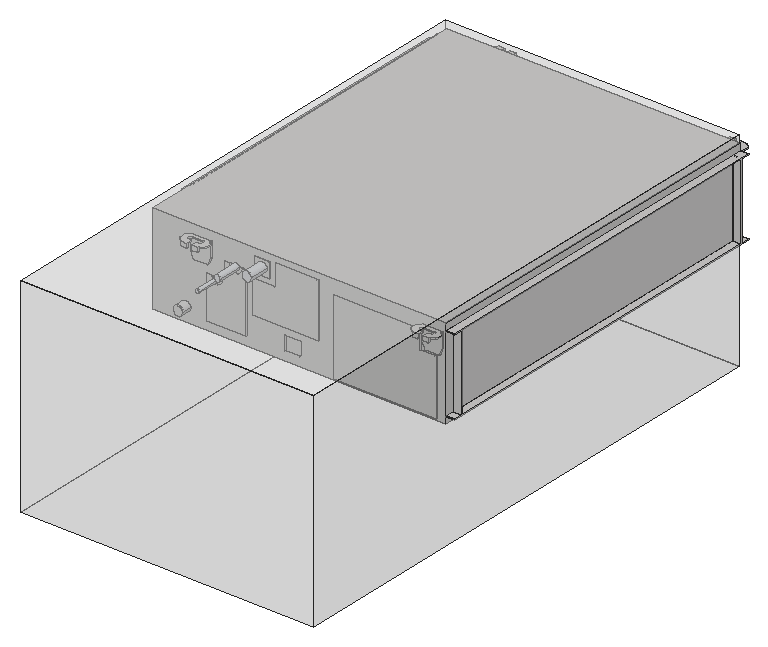
Revit family "outputfile", category 機械設備, Revit 2024
Family settings
  丸型コネクタ寸法 = 半径を使用
  パーツ タイプ = 標準
  OmniClass 番号 = 23.75.10.24.21.27.27
  OmniClass タイトル = Split System Air Conditioning Units
  作業面ベース = いいえ
  常に垂直 = はい
  ロード時にボイドで切り取り = いいえ
  注釈の向きを維持 = いいえ
  共有 = いいえ
  部屋計算ポイント = はい
Parameters (values of type "FXSQ63PAVE9")
  Description = ""
  製造元 = "Daikin"
  書き出し IFC クラス(タイプ) = "IfcUnitaryEquipmentType"
  定義済み IFC タイプ(タイプ) = "AIRCONDITIONINGUNIT"
  Cost = 0
  モデル = "FXSQ63PAVE9"
  Type Comments = ""
  Keynote = ""
  Type Image = (empty or 0)
  Assembly Code = ""
  r_Liquid Pipe Size = Liquid Pipe Size / 2  # 4.75 mm
  r_Gas Pipe Size = Gas Pipe Size / 2  # 7.95 mm
  r_Drain Pipe Size = Drain Pipe Size / 2  # 12.5 mm
  lw_power = 770.0 mm  # constant formula
  lh_SA = 138.0 mm  # constant formula
  lw_SA = if(Depth = 550.0 mm, 225.0 mm, if(Depth = 700.0 mm, 300.0 mm, if(Depth = 1000.0 mm, 450.0 mm, if(Depth = 1400.0 mm, 650.0 mm, 725.0 mm))))  # 450.0 mm
  lw_RA = if(Depth = 550.0 mm, 275.0 mm, if(Depth = 700.0 mm, 349.0 mm, if(Depth = 1000.0 mm, 499.0 mm, if(Depth = 1400.0 mm, 699.0 mm, 775.0 mm))))  # 499.0 mm
  lh_power = 60.0 mm + [h***]  # 60.0 mm
  lh_mountinghole1 = lh_mountinghole + [h***]  # 222.0 mm
  lh_RA = 123.0 mm  # constant formula
  ld_power = Depth / 2  # 500.0 mm
  Voltage_comment_60Hz = "220"
  Voltage_comment_50Hz = "220-240"
  Voltage_60Hz = 220 V
  Voltage_50Hz = 220 V
  URL = ""
  Supply Air Direction [instance] = yes
  Sound Power Level_H speed (dB) = 64
  Phase_60Hz = 1
  Phase_50Hz = 1
  Minimum External Static Pressure = 50.00 Pa
  Minimum Circuit Amps_60Hz = 1.8 A
  Minimum Circuit Amps_50Hz = 1.8 A
  Maximum Fuse Amps_60Hz = 16.0 A
  Maximum Fuse Amps_50Hz = 16.0 A
  Maximum External Static Pressure = 150.00 Pa
  Material_Casing = DAIKIN_GalvanizedSteel_Casing_indoorunit
  lw_mountinghole = 630.0 mm  # constant formula
  lh_gaspipe = 183.0 mm + [h***]  # 183.0 mm
  lh_mountinghole = 222.0 mm  # constant formula
  lh_liquidpipe = 136.0 mm + [h***]  # 136.0 mm
  lh_drainpipe = 207.0 mm + [h***]  # 207.0 mm
  lh_antena = Height - lh_mountinghole + 1.0 mm  # 24.0 mm
  ld_drainpipe = Depth / 2 + 53.0 mm  # 553.0 mm
  ld_liquidpipe = Depth / 2 + 69.0 mm  # 569.0 mm
  ld_gaspipe = Depth / 2 + 65.0 mm  # 565.0 mm
  ld_mountinghole = Depth + 38.0 mm  # 1038.0 mm
  h*** = 0.0 mm  # constant formula
  lw_liquidpipe = 179.0 mm  # constant formula
  lw_gaspipe = 229.0 mm  # constant formula
  lw_drainpipe = 300.0 mm  # constant formula
  Width = 800.0 mm
  Version = "ver.1.0"
  Unit Type = "Middle Static Pressure Duct Type"
  Unit Mass Weight = 35.00 kg
  Unit Designation [instance] = ""
  Uniclass2015Version = "Products v1.30"
  Uniclass2015Title = "Variable refrigerant flow units"
  Uniclass2015Code = "Pr_70_65_03_94"
  Total Heating Capacity [instance] = 0.000 kW
  Total Cooling Capacity [instance] = 0.000 kW
  Sound Pressure Level_M speed (dBA) = 0
  Sound Pressure Level_L speed (dBA) = 29
  Sound Pressure Level_H speed (dBA) = 36
  Series = "VRV Fan Coil Unit"
  Sensible Cooling Capacity [instance] = 0.000 kW
  SA Duct Size Width = if(Depth = 550.0 mm, 337.0 mm, if(Depth = 700.0 mm, 492.0 mm, if(Depth = 1000.0 mm, 792.0 mm, if(Depth = 1400.0 mm, 1192.0 mm, 1337.0 mm))))  # 792.0 mm
  SA Duct Size Height = 176.0 mm
  Refrigerant Type = "R410A"
  RA Duct Size Width = if(Depth = 550.0 mm, 502.0 mm, if(Depth = 700.0 mm, 654.0 mm, if(Depth = 1000.0 mm, 952.0 mm, if(Depth = 1400.0 mm, 1352.0 mm, 1502.0 mm))))  # 952.0 mm
  RA Duct Size Height = 208.0 mm
  Power Input (Heating) = 0.217 kW
  Power Input (Cooling) = 0.222 kW
  Option Accessory 3 [instance] = ""
  Option Accessory 2 [instance] = ""
  Option Accessory 1 [instance] = ""
  Nominal Heating Capacity = 8.000 kW
  Nominal Cooling Capacity = 7.100 kW
  Minimum Airflow = 870.00 m³/h
  Median Airflow = 1050.00 m³/h
  Maximum Airflow = 1260.00 m³/h
  Load Classification = HVAC
  Liquid Pipe Size = 9.5 mm
  Link_Nested Family [instance] = ""
  IfcVersion = "0"
  IfcExportType = "AIRCONDITIONINGUNIT"
  IfcExportAs = "IfcUnitaryEquipmentType"
  Height = 245.0 mm
  Heating Entering Wet Bulb Temperature [instance] = 0.00 °C
  Heating Entering Dry Bulb Temperature [instance] = 0.00 °C
  Heating Ambient Wet Bulb Temperature [instance] = 0.00 °C
  Heating Ambient Dry Bulb Temperature [instance] = 0.00 °C
  Heat Exchanger Type = "Cross Fin Coil"
  Gas Pipe Size = 15.9 mm
  Frequency_60Hz = 60 Hz
  Frequency_50Hz = 50 Hz
  Fan Type = "Sirocco Fan"
  Fan Drive = "Direct Drive"
  FCU Tag No. [instance] = ""
  Drain Pipe Size = 25.0 mm
  Design Supply Airflow [instance] = 0.00 m³/h
  Design Return Airflow [instance] = 0.00 m³/h
  Design External Static Pressure [instance] = 0.00 Pa
  Depth = 1000.0 mm
  既定の高さ = 0.0 mm
  Cooling Entering Wet Bulb Temperature [instance] = 0.00 °C
  Cooling Entering Dry Bulb Temperature [instance] = 0.00 °C
  Cooling Ambient Wet Bulb Temperature [instance] = 0.00 °C
  Cooling Ambient Dry Bulb Temperature [instance] = 0.00 °C
  Clearance visibility [instance] = yes
  Clearance Top = 20.0 mm
  Clearance Right = 0.0 mm
  Clearance Rear = 0.0 mm
  Clearance Left = 0.0 mm
  Clearance Front = 450.0 mm
  Clearance Bottom = 300.0 mm
Reference planes
  plane 1 "Center (Front/Back)": y = 0
  plane 2 "h": z = 0
  plane 3 "Center (Left/Right)": x = 0
  plane 4 "Back": y = 500
  plane 5 "Front": y = -500
  plane 6 "Left": x = -400
  plane 7 "Reight": x = 400
  plane 8 "Top": z = 0
  plane 9 "Bottom": z = -245
  plane 10: y = -215
  plane 11: y = 500
  plane 12: y = -950
  plane 13: x = -400
  plane 14: x = 400
  plane 15: z = 20
  plane 16: z = -545
  plane 17: x = -400
  plane 18: x = -399
  plane 19: x = 399
  plane 20: y = 50
  plane 21: y = -1
  plane 22: z = -122
  plane 23: y = -501
  plane 24: z = -109
  plane 25: x = -221
  plane 26: y = -565
  plane 27: z = -62
  plane 28: x = -171
  plane 29: y = -553
  plane 30: z = -38
  plane 31: x = -100
  plane 32: x = -100
  plane 33: x = -221
  plane 34: x = -171
  plane 35: x = 370
  plane 36: x = -266
  plane 37: x = 364
  plane 38: y = -519
  plane 39: y = 519
  plane 40: z = -23
  plane 41: z = -107
  plane 42: y = -570
  plane 43: z = -207
  plane 44: x = -309
  plane 45: y = -526
  plane 46: x = -251
  plane 47: x = -203
  plane 48: x = -144
  plane 49: z = -59
  plane 50: z = -106
  plane 51: z = -221
  plane 52: z = -109
  plane 53: x = -221
  plane 54: z = -62
  plane 55: x = -171
  plane 56: z = -17
  plane 57: z = -59
  plane 58: x = -121
  plane 59: x = -79
  plane 60: x = -125
  plane 61: x = -64
  plane 62: x = 53
  plane 63: z = -164
  plane 64: z = -73
  plane 65: z = -16
  plane 66: x = 93.5
  plane 67: x = 374.5
  plane 68: x = 330
  plane 69: z = -88.5
  plane 70: z = -38
  plane 71: z = -242.5
  plane 72: x = -38.5
  plane 73: x = 6.5
  plane 74: z = -181
  plane 75: z = -221
  plane 76: y = -499
  plane 77: x = -424
  plane 78: x = 424
Forms (mm)
  Extrusion 1, solid, material "DAIKIN_GalvanizedSteel_Casing_indoorunit" <- "Material_Casing"
    sketch origin (0, 0, 0) x (1, 0, 0) y (0, 1, 0)
      loop
        line (-399, 500) -> (-399, -500) -> (399, -500) -> (399, 500) -> (-399, 500)
    from -245 to 0
  Extrusion 2, solid, material "DAIKIN_GalvanizedSteel_Casing_indoorunit" <- "Material_Casing"
    sketch origin (0, 0, 0) x (1, 0, 0) y (0, 0, 1)
      loop
        line (-251, -221) -> (-144, -221) -> (-144, -59) -> (-154.47, -59)
        arc (-154.47, -59) -> (-171, -78.8) -> (-187.53, -59) r 16.8
        line (-187.53, -59) -> (-203, -59) -> (-203, -106) -> (-206.916, -106)
        arc (-206.916, -106) -> (-221, -123.4) -> (-235.084, -106) r 14.4
        line (-235.084, -106) -> (-251, -106) -> (-251, -221)
    from 500 to 501
  Extrusion 3, solid, material "DAIKIN_GalvanizedSteel_Casing_indoorunit" <- "Material_Casing"
    sketch origin (0, 0, 0) x (1, 0, 0) y (0, 0, 1)
      loop
        line (-121, -17) -> (-121, -59) -> (-79, -59) -> (-79, -17) -> (-121, -17)
      loop
        line (-125, -73) -> (-125, -164) -> (53, -164) -> (53, -16) -> (-64, -16) -> (-64, -73) -> (-125, -73)
    from 500 to 501
  Extrusion 4, solid, material "DAIKIN_GalvanizedSteel_Casing_indoorunit" <- "Material_Casing"
    sketch origin (0, 0, 0) x (1, 0, 0) y (0, 0, 1)
      loop
        line (93.5, -38) -> (93.5, -242.5) -> (374.5, -242.5) -> (374.5, -88.5) -> (330, -88.5) -> (330, -38) -> (93.5, -38)
    from 500 to 501
  Extrusion 5, solid
    sketch origin (0, 0, 0) x (1, 0, 0) y (0, 0, 1)
      loop
        circle (-221, -109) r 4.75
    from 500 to 570
  Extrusion 6, solid
    sketch origin (0, 0, 0) x (1, 0, 0) y (0, 0, 1)
      loop
        circle (-171, -62) r 7.95
    from 500 to 565
  Extrusion 7, solid
    sketch origin (0, 0, 0) x (1, 0, 0) y (0, 0, 1)
      loop
        circle (-100, -38) r 12.5
    from 501 to 553
  Extrusion 8, solid, material "DAIKIN_GalvanizedSteel_Casing_indoorunit" <- "Material_Casing"
    sketch origin (0, 0, 0) x (1, 0, 0) y (0, 0, 1)
      loop
        circle (-309, -207) r 13
    from 500 to 526
  Extrusion 9, void
    sketch origin (0, 0, 0) x (1, 0, 0) y (0, 0, 1)
      loop
        line (-38.5, -181) -> (-38.5, -221) -> (6.5, -221) -> (6.5, -181) -> (-38.5, -181)
    from 499 to 500
Cuts and joins
  Extrusion 9 cuts Extrusion 1
Dimensions and locks
  "Height": plane 8 "Top" to plane 9 "Bottom"
  equal spacing: plane 4 "Back", plane 1 "Center (Front/Back)", plane 5 "Front"
  "Depth": plane 4 "Back" to plane 5 "Front"
  equal spacing: plane 6 "Left", plane 3 "Center (Left/Right)", plane 7 "Reight"
  "Width": plane 6 "Left" to plane 7 "Reight"
  "Clearance Left": plane 13 to plane 6 "Left"
  "Clearance Right": plane 7 "Reight" to plane 14
  "Clearance Rear": plane 11 to plane 4 "Back"
  "Clearance Front": plane 5 "Front" to plane 12
  "Clearance Top": plane 15 to plane 8 "Top"
  "Clearance Bottom": plane 9 "Bottom" to plane 16
  locked: plane 17 to plane 18 at 1
  locked: plane 19 to plane 14 at 1
  "lw_SA": plane 11 to plane 20
  "lw_RA": plane 21 to plane 5 "Front"
  "lh_RA": plane 22 to plane 9 "Bottom"
  locked: plane 5 "Front" to plane 23 at 1
  "lw_liquidpipe": plane 25 to plane 6 "Left"
  "lh_liquidpipe": plane 24 to plane 9 "Bottom"
  "lh_gaspipe": plane 27 to plane 9 "Bottom"
  "lw_gaspipe": plane 28 to plane 6 "Left"
  "ld_gaspipe": plane 26 to plane 1 "Center (Front/Back)"
  "ld_drainpipe": plane 29 to plane 1 "Center (Front/Back)"
  "lh_drainpipe": plane 30 to plane 9 "Bottom"
  "lw_drainpipe": plane 31 to plane 6 "Left"
  "lw_drainpipe": plane 6 "Left" to plane 32
  "lw_liquidpipe": plane 6 "Left" to plane 33
  "lw_gaspipe": plane 6 "Left" to plane 34
  "lw_power": plane 6 "Left" to plane 35
  locked: plane 17 to plane 36 at 134
  "lw_mountinghole": plane 36 to plane 37
  equal spacing: plane 38, plane 1 "Center (Front/Back)", plane 39
  "ld_mountinghole": plane 39 to plane 38
  "lh_mountinghole": plane 40 to plane 9 "Bottom"
  "lh_SA": plane 41 to plane 9 "Bottom"
  "ld_liquidpipe": plane 21 to plane 42
  locked: plane 44 to plane 6 "Left" at 91
  locked: plane 43 to plane 9 "Bottom" at 38
  locked: plane 5 "Front" to plane 45 at 26
  plane 48 to plane 47 to plane 46 to plane 6 "Left" = 59.0 mm, 48.0 mm, 149.0 mm
  plane 8 "Top" to plane 49 to plane 50 to plane 51 = 59.0 mm locked, 47.0 mm locked, 115.0 mm locked
  plane 55 to plane 53 to plane 6 "Left" = 50.0 mm locked, 179.0 mm locked
  plane 54 to plane 52 to plane 9 "Bottom" = 47.0 mm locked, 136.0 mm locked
  plane 59 to plane 58 to plane 6 "Left" = 42.0 mm locked, 279.0 mm locked
  plane 8 "Top" to plane 56 to plane 57 = 17.0 mm locked, 42.0 mm locked
  plane 62 to plane 61 to plane 60 to plane 6 "Left" = 117.0 mm, 61.0 mm, 275.0 mm
  plane 8 "Top" to plane 65 to plane 64 = 16.0 mm locked, 57.0 mm locked
  locked: plane 65 to plane 63 at 148
  plane 8 "Top" to plane 70 to plane 69 to plane 71 = 38.0 mm locked, 50.5 mm locked, 154.0 mm locked
  plane 67 to plane 68 to plane 66 to plane 6 "Left" = 44.5 mm locked, 236.5 mm locked, 493.5 mm locked
  plane 8 "Top" to plane 74 to plane 75 = 181.0 mm locked, 40.0 mm locked
  plane 73 to plane 72 to plane 6 "Left" = 45.0 mm, 361.5 mm
  locked: plane 76 to plane 5 "Front" at 1
  locked: plane 77 to plane 17 at 24
  locked: plane 14 to plane 78 at 24
  "r_Liquid Pipe Size": radius of Extrusion 5 sketch curve
  "r_Gas Pipe Size": radius of Extrusion 6 sketch curve
  "r_Drain Pipe Size": radius of Extrusion 7 sketch curve
  aligned and locked: level to plane 2 "h"
  aligned and locked: plane 8 "Top" to Extrusion 1
  aligned and locked: Extrusion 1 to plane 9 "Bottom"
  aligned and locked: nested 5 to plane 12
  aligned and locked: plane 13 to nested 5
  aligned and locked: plane 14 to nested 5
  aligned and locked: nested 5 to plane 13
  aligned and locked: plane 11 to nested 5
  aligned and locked: plane 15 to nested 5
  aligned and locked: plane 16 to nested 5
  aligned and locked: plane 5 "Front" to Extrusion 1 sketch curve
  aligned and locked: Extrusion 1 to plane 18
  aligned and locked: plane 19 to Extrusion 1
  aligned and locked: nested 7 to plane 18
  aligned and locked: nested 7 to plane 20
  aligned and locked: plane 19 to nested 8
  aligned and locked: plane 21 to nested 8
  aligned and locked: plane 22 to nested 8
  aligned and locked: Extrusion 2 to plane 23
  aligned and locked: plane 5 "Front" to Extrusion 2
  aligned and locked: Extrusion 3 to plane 23
  aligned and locked: plane 5 "Front" to Extrusion 3
  aligned and locked: plane 5 "Front" to Extrusion 4
  aligned and locked: Extrusion 5 sketch curve to plane 25
  aligned and locked: plane 24 to Extrusion 5 sketch curve
  aligned and locked: plane 5 "Front" to Extrusion 5
  aligned and locked: Extrusion 6 sketch curve to plane 28
  aligned and locked: plane 27 to Extrusion 6 sketch curve
  aligned and locked: plane 5 "Front" to Extrusion 6
  aligned and locked: Extrusion 7 sketch curve to plane 31
  aligned and locked: Extrusion 7 sketch curve to plane 30
  aligned and locked: Extrusion 7 to plane 29
  aligned and locked: plane 23 to Extrusion 7
  aligned and locked: nested 3 to plane 29
  aligned and locked: plane 32 to nested 3
  aligned and locked: nested 2 to plane 33
  aligned and locked: nested 1 to plane 34
  aligned and locked: Extrusion 6 to plane 26
  aligned and locked: nested 1 to plane 26
  aligned and locked: nested 6 to plane 5 "Front"
  aligned and locked: nested 6 to plane 35
  aligned and locked: plane 36 to nested 10
  aligned and locked: nested 10 to plane 5 "Front"
  aligned and locked: plane 37 to nested 9
  aligned and locked: nested 9 to plane 5 "Front"
  aligned and locked: nested 11 to plane 36
  aligned and locked: plane 4 "Back" to nested 11
  aligned and locked: nested 12 to plane 37
  aligned and locked: plane 4 "Back" to nested 12
  aligned and locked: plane 40 to nested 10
  aligned and locked: plane 40 to nested 11
  aligned and locked: plane 40 to nested 9
  aligned and locked: plane 40 to nested 12
  aligned and locked: plane 36 to nested 14
  aligned and locked: nested 14 to plane 39
  aligned and locked: plane 37 to nested 13
  aligned and locked: nested 13 to plane 39
  aligned and locked: plane 37 to nested 16
  aligned and locked: plane 38 to nested 16
  aligned and locked: plane 38 to nested 15
  aligned and locked: plane 36 to nested 15
  aligned and locked: plane 17 to plane 6 "Left"
  aligned and locked: plane 41 to nested 7
  aligned and locked: Extrusion 5 to plane 42
  aligned and locked: nested 2 to plane 42
  aligned and locked: Extrusion 8 sketch curve to plane 44
  aligned and locked: plane 43 to Extrusion 8 sketch curve
  aligned and locked: plane 5 "Front" to Extrusion 8
  aligned and locked: plane 45 to Extrusion 8
  aligned and locked: Extrusion 3 sketch curve to plane 56
  aligned and locked: Extrusion 3 sketch curve to plane 58
  aligned and locked: plane 57 to Extrusion 3 sketch curve
  aligned and locked: plane 59 to Extrusion 3 sketch curve
  aligned and locked: Extrusion 4 to plane 23
  aligned and locked: Extrusion 9 sketch curve to plane 74
  aligned and locked: plane 75 to Extrusion 9 sketch curve
  aligned and locked: plane 73 to Extrusion 9 sketch curve
  aligned and locked: plane 5 "Front" to Extrusion 9
  aligned and locked: plane 76 to Extrusion 9
  aligned and locked: nested 17 to plane 20
  aligned and locked: nested 17 to plane 77
  aligned and locked: plane 21 to nested 18
  aligned and locked: plane 78 to nested 18
  aligned and locked: plane 41 to nested 17
  aligned and locked: nested 18 to plane 22
  aligned and locked: nested 4 to plane 3 "Center (Left/Right)"
  aligned and locked: plane 1 "Center (Front/Back)" to nested 4
  aligned and locked: plane 8 "Top" to level
Automatic sketch dimensions
  plane 6 "Left" to Extrusion 1 sketch curve = 1.0 mm
  Extrusion 1 sketch curve to plane 7 "Reight" = 1.0 mm
  Extrusion 1 sketch curve to plane 4 "Back" = 0.0 mm
  Extrusion 2 sketch curve to plane 46 = 0.0 mm
  Extrusion 2 sketch curve to plane 33 = 0.0 mm
  Extrusion 2 sketch curve to plane 47 = 0.0 mm
  Extrusion 2 sketch curve to plane 34 = 0.0 mm
  Extrusion 2 sketch curve to plane 48 = 0.0 mm
  Extrusion 2 sketch curve to plane 51 = 0.0 mm
  Extrusion 2 sketch curve to plane 52 = 0.0 mm
  Extrusion 2 sketch curve to plane 50 = 0.0 mm  (x3)
  Extrusion 2 sketch curve to plane 54 = 0.0 mm
  Extrusion 2 sketch curve to plane 49 = 0.0 mm  (x3)
  plane 33 to Extrusion 2 sketch curve = 14.084 mm
  plane 34 to Extrusion 2 sketch curve = 16.53 mm
  Extrusion 3 sketch curve to plane 60 = 0.0 mm
  Extrusion 3 sketch curve to plane 61 = 0.0 mm
  Extrusion 3 sketch curve to plane 62 = 0.0 mm
  Extrusion 3 sketch curve to plane 63 = 0.0 mm
  Extrusion 3 sketch curve to plane 64 = 0.0 mm
  Extrusion 3 sketch curve to plane 65 = 0.0 mm
  Extrusion 4 sketch curve to plane 66 = 0.0 mm
  Extrusion 4 sketch curve to plane 68 = 0.0 mm
  Extrusion 4 sketch curve to plane 67 = 0.0 mm
  Extrusion 4 sketch curve to plane 71 = 0.0 mm
  Extrusion 4 sketch curve to plane 69 = 0.0 mm
  Extrusion 4 sketch curve to plane 70 = 0.0 mm
  Extrusion 9 sketch curve to plane 72 = 0.0 mm
  radius of Extrusion 8 sketch curve = 13.0 mm
Nested families
  nested 1: "daikin_connector_rotate2" at (-171, 0, -62), length <- "ld_gaspipe", built-in parameter 1001364 <- "lh_gaspipe", radius <- "r_Gas Pipe Size", type "daikin_connector_rotate2"
    with radius 7.95 mm, length 565.0 mm, angle_vertical 90.00°
  nested 2: "daikin_connector_rotate2" at (-221, -1, -109), length <- "ld_liquidpipe", built-in parameter 1001364 <- "lh_liquidpipe", radius <- "r_Liquid Pipe Size", type "daikin_connector_rotate2"
    with radius 4.75 mm, length 569.0 mm, angle_vertical 90.00°
  nested 3: "daikin_connector_rotate2" at (-100, 0, -38), length <- "ld_drainpipe", built-in parameter 1001364 <- "lh_drainpipe", radius <- "r_Drain Pipe Size", type "daikin_connector_rotate2"
    with radius 12.5 mm, length 553.0 mm, angle_vertical 90.00°
  nested 4: "daikin_△_symbolicline" at (0, 0, 245) x (0, -1, 0) z (0, 0, 1), built-in parameter 1001364 <- "Height", visible <- "Supply Air Direction", type "daikin_△_symbolicline"
    with length 200.0 mm
  nested 5: "daikin_clearancespace" at (0, -225, -262.381), visible <- "Clearance visibility", show <- "Clearance visibility", Link_Nested Family <- "Link_Nested Family", type "daikin_clearancespace"
    with width 800.0 mm, show yes, height 565.0 mm, depth 1450.0 mm, Link_Nested Family ""
  nested 6: "daikin_connector_rotate2" at (370, 0, -185), built-in parameter 1001364 <- "lh_power", length <- "ld_power", type "daikin_connector_rotate2"
    with radius 10.0 mm, length 500.0 mm, angle_vertical 90.00°
  nested 7: "daikin_ductflange_FXSQ-PAVE9_2" at (-399, 50, -107) x (0, -1, 0) z (0, 0, 1), type "daikin_ductflange_FXSQ-PAVE9_2"
    with width 792.0 mm, w 1000.0 mm
  nested 8: "daikin_ductflange_FXSQ-PAVE9_1" at (399, -1, -122) x (0, 1, 0) z (0, 0, 1), type "daikin_ductflange_FXSQ-PAVE9_1"
    with width 952.0 mm, w 1000.0 mm
  nested 9: "daikin_hangerfixture_FXSQ-PAVE9" at (364, -500, -23), type "daikin_hangerfixture_FXSQ-PAVE9"
  nested 10: "daikin_hangerfixture_FXSQ-PAVE9" at (-266, -500, -23), type "daikin_hangerfixture_FXSQ-PAVE9"
  nested 11: "daikin_hangerfixture_FXSQ-PAVE9" at (-266, 500, -23) x (-1, 0, 0) z (0, 0, 1), type "daikin_hangerfixture_FXSQ-PAVE9"
  nested 12: "daikin_hangerfixture_FXSQ-PAVE9" at (364, 500, -23) x (-1, 0, 0) z (0, 0, 1), type "daikin_hangerfixture_FXSQ-PAVE9"
  nested 13: "daikin_mountinghole" at (364, 519, -245), h_mountinghole <- "lh_mountinghole1", l_antenna <- "lh_antena", Link_Nested Family <- "Link_Nested Family", type "daikin_mountinghole"
    with show yes, l_antenna 24.0 mm, h_mountinghole 222.0 mm, Link_Nested Family ""
  nested 14: "daikin_mountinghole" at (-266, 519, -245), h_mountinghole <- "lh_mountinghole1", l_antenna <- "lh_antena", Link_Nested Family <- "Link_Nested Family", type "daikin_mountinghole"
    with show yes, l_antenna 24.0 mm, h_mountinghole 222.0 mm, Link_Nested Family ""
  nested 15: "daikin_mountinghole" at (-266, -519, -245), h_mountinghole <- "lh_mountinghole1", l_antenna <- "lh_antena", Link_Nested Family <- "Link_Nested Family", type "daikin_mountinghole"
    with show yes, l_antenna 24.0 mm, h_mountinghole 222.0 mm, Link_Nested Family ""
  nested 16: "daikin_mountinghole" at (364, -519, -245), h_mountinghole <- "lh_mountinghole1", l_antenna <- "lh_antena", Link_Nested Family <- "Link_Nested Family", type "daikin_mountinghole"
    with show yes, l_antenna 24.0 mm, h_mountinghole 222.0 mm, Link_Nested Family ""
  nested 17: "daikin_connector_rotate2" at (-400, 50, -107) x (0, -1, 0) z (0, 0, 1), type "daikin_connector_rotate2"
    with radius 10.0 mm, length 24.0 mm, angle_vertical 90.00°
  nested 18: "daikin_connector_rotate2" at (400, -1, -122) x (0, 1, 0) z (0, 0, 1), type "daikin_connector_rotate2"
    with radius 10.0 mm, length 24.0 mm, angle_vertical 90.00°
Connectors
  piping at (-100, -553, -38), diameter 25, driven by "r_Drain Pipe Size"
    settings: on nested 3, index 3, connector inside diameter 609.6 mm, connector length 0.0 mm, flow factor 0, pipe flow 0.00 m³/h, pressure drop 0.0 Pa, fitting loss kfactor 0, connector angle 0.00°, fixture units 0, engagement length 0.0 mm, angle of deflection 0.00°, flow configuration 1, flow direction 2, fitting loss method 4, system type 16, joint type 0, gender type 0, connector reference index -1, connector utility 0, adjustable connector no, is connector primary yes, connector description "Condensate Drain Piping"
  piping at (-171, -565, -62), diameter 15.9, driven by "r_Gas Pipe Size"
    settings: on nested 1, index 4, connector inside diameter 609.6 mm, connector length 0.0 mm, flow factor 0, pipe flow 0.00 m³/h, pressure drop 0.0 Pa, fitting loss kfactor 0, connector angle 0.00°, fixture units 0, engagement length 0.0 mm, angle of deflection 0.00°, flow configuration 1, flow direction 2, fitting loss method 0, system type 29, joint type 0, gender type 0, connector reference index -1, connector utility 0, adjustable connector no, is connector primary no, connector description "Refrigerant Gas Piping"
  piping at (-221, -570, -109), diameter 9.5, driven by "r_Liquid Pipe Size"
    settings: on nested 2, index 5, connector inside diameter 609.6 mm, connector length 0.0 mm, flow factor 0, pipe flow 0.00 m³/h, pressure drop 0.0 Pa, fitting loss kfactor 0, connector angle 0.00°, fixture units 0, engagement length 0.0 mm, angle of deflection 0.00°, flow configuration 1, flow direction 1, fitting loss method 0, system type 29, joint type 0, gender type 0, connector reference index -1, connector utility 0, adjustable connector no, is connector primary no, connector description "Refrigerant Liquid Piping"
  electrical at (370, -500, -185), driven by "Load Classification"
    settings: on nested 6, index 6, voltage 0 V, apparent load 0 VA, apparent load phase1 0 VA, apparent load phase2 0 VA, apparent load phase3 0 VA, power factor 1, load classification "HVAC", number of poles 1, system type 30, power factor state 1, is connector primary yes, connector utility no, sub classification motor no, connector description "Power Supply"
  hvac at (-424, 50, -107), driven by "SA Duct Size Height", driven by "SA Duct Size Width"
    settings: on nested 17, index 7, duct flow 0.00 m³/h, flow factor 0, pres drop 0.00 Pa, loss coef 0, conn angle 0.00°, conn width 792.0 mm, conn height 176.0 mm, conn diameter 609.6 mm, duct sys type 1, conn prof type 1, flow config 0, flow direction 2, loss method 4, conn ref index -1, conn util no, is conn primary yes, conn desc "SA Duct"
  hvac at (424, -1, -122), driven by "RA Duct Size Height", driven by "RA Duct Size Width"
    settings: on nested 18, index 8, duct flow 0.00 m³/h, flow factor 0, pres drop 0.00 Pa, loss coef 0, conn angle 0.00°, conn width 952.0 mm, conn height 208.0 mm, conn diameter 609.6 mm, duct sys type 2, conn prof type 1, flow config 0, flow direction 1, loss method 4, conn ref index -1, conn util no, is conn primary no, conn desc "RA Duct"
Definition of nested family "daikin_clearancespace"
  Parameters (values of type "daikin_clearancespace")
    width [instance] = 1823.963 mm
    show [instance] = yes
    material = none
    height [instance] = 1359.762 mm
    depth [instance] = 880.0 mm
    Default Elevation = 0.0 mm
    Link_Nested Family [instance] = ""
  Reference planes
    plane 1 "Center (Front/Back)": y = 0
    plane 2 "Center (Elevation)": z = -0.119
    plane 3 "Center (Left/Right)": x = 0
    plane 4: y = 440
    plane 5: y = -440
    plane 6 "Right": x = 911.982
    plane 7 "Left": x = -911.982
    plane 8 "Top": z = 679.762
    plane 9 "Bottom": z = -680
  Forms (mm)
    Extrusion 1, solid, material <- "material", visible <- "show"
      sketch origin (0, 0, 0) x (1, 0, 0) y (0, 1, 0)
        loop
          line (-911.982, 440) -> (-911.982, -440) -> (911.982, -440) -> (911.982, 440) -> (-911.982, 440)
      from -680 to 679.762
  Lines and regions (mm)
    symbolic lines, visible <- "show"
      curve 1: line (911.982, 440, 0) -> (-911.982, 440, 0)
      curve 2: line (-911.982, 440, 0) -> (-911.982, -440, 0)
      curve 3: line (-911.982, -440, 0) -> (911.982, -440, 0)
      curve 4: line (911.982, -440, 0) -> (911.982, 440, 0)
      curve 5: line (911.982, 0, 679.762) -> (-911.982, 0, 679.762)
      curve 6: line (911.982, 0, -680) -> (911.982, 0, 679.762)
      curve 7: line (-911.982, 0, -680) -> (911.982, 0, -680)
      curve 8: line (-911.982, 0, 679.762) -> (-911.982, 0, -680)
      curve 9: line (0, 440, 679.762) -> (0, -440, 679.762)
      curve 10: line (0, -440, 679.762) -> (0, -440, -680)
      curve 11: line (0, 440, -680) -> (0, 440, 679.762)
      curve 12: line (0, -440, -680) -> (0, 440, -680)
  Dimensions and locks
    "width": plane 7 "Left" to plane 6 "Right"
    "depth": plane 4 to plane 5
    "height": plane 8 "Top" to plane 9 "Bottom"
    equal spacing: plane 7 "Left", plane 3 "Center (Left/Right)", plane 6 "Right"
    equal spacing: plane 4, plane 1 "Center (Front/Back)", plane 5
    equal spacing: plane 8 "Top", plane 2 "Center (Elevation)", plane 9 "Bottom"
    aligned and locked: level to plane 2 "Center (Elevation)"
    aligned and locked: Extrusion 1 sketch curve to plane 4
    aligned and locked: plane 7 "Left" to Extrusion 1 sketch curve
    aligned and locked: Extrusion 1 sketch curve to plane 5
    aligned and locked: Extrusion 1 sketch curve to plane 6 "Right"
    aligned and locked: plane 8 "Top" to Extrusion 1
    aligned and locked: curve 1 to Extrusion 1
    aligned and locked: curve 2 to Extrusion 1
    aligned and locked: curve 3 to Extrusion 1
    aligned and locked: curve 4 to Extrusion 1
    aligned and locked: curve 5 to Extrusion 1
    aligned and locked: curve 6 to Extrusion 1
    aligned and locked: curve 7 to Extrusion 1
    aligned and locked: curve 8 to Extrusion 1
    aligned and locked: curve 9 to Extrusion 1
    aligned and locked: curve 10 to Extrusion 1
    aligned and locked: curve 11 to Extrusion 1
    aligned and locked: curve 12 to Extrusion 1
    aligned and locked: Extrusion 1 to plane 9 "Bottom"
Definition of nested family "daikin_ductflange_FXSQ-PAVE9_2"
  Parameters (values of type "daikin_ductflange_FXMQ-PAVE2")
    width = if(w = 550.0 mm, 337.0 mm, if(w = 700.0 mm, 492.0 mm, if(w = 1000.0 mm, 792.0 mm, if(w = 1400.0 mm, 1192.0 mm, 1337.0 mm))))  # 337.0 mm
    material = none
    height = 215.0 mm
    depth = 1.0 mm
    w = 550.0 mm
    Default Elevation = 0.0 mm
  Reference planes
    plane 1 "Center (Front/Back)": y = 0
    plane 2: z = 0
    plane 3 "Center (Left/Right)": x = 0
    plane 4: z = 88
    plane 5: z = -88
    plane 6: y = -25
    plane 7: z = 106
    plane 8: z = 89
    plane 9: y = -1
    plane 10: x = -192.5
    plane 11: x = 192.5
    plane 12: z = -106
    plane 13: z = -89
    plane 14: y = -1
    plane 15: x = 168.5
    plane 16: x = -168.5
    plane 17: x = 169.5
    plane 18: z = 87
    plane 19: z = -87
    plane 20: x = -169.5
    plane 21: z = 87
    plane 22: z = -87
    plane 23: y = -1
  Forms (mm)
    Extrusion 1, solid, material <- "material"
      sketch origin (0, 0, 0) x (0, 1, 0) y (0, 0, 1)
        loop
          line (-25, 88) -> (0, 88) -> (0, 106) -> (-1, 106) -> (-1, 89) -> (-25, 89) -> (-25, 88)
      from -192.5 to 192.5
    Extrusion 2, solid, material <- "material"
      sketch origin (0, 0, 0) x (0, 1, 0) y (0, 0, 1)
        loop
          line (-25, -88) -> (-25, -89) -> (-1, -89) -> (-1, -106) -> (0, -106) -> (0, -88) -> (-25, -88)
      from -192.5 to 192.5
    Extrusion 3, solid, material <- "material"
      sketch origin (0, 0, 0) x (1, 0, 0) y (0, 0, 1)
        loop
          line (168.5, 88) -> (168.5, -88) -> (192.5, -88) -> (192.5, -87) -> (169.5, -87) -> (169.5, 87) -> (192.5, 87) -> (192.5, 88) -> (168.5, 88)
      from 0 to 25
    Extrusion 4, solid, material <- "material"
      sketch origin (0, 0, 0) x (1, 0, 0) y (0, 0, 1)
        loop
          line (-192.5, 88) -> (-192.5, 87) -> (-169.5, 87) -> (-169.5, -87) -> (-192.5, -87) -> (-192.5, -88) -> (-168.5, -88) -> (-168.5, 88) -> (-192.5, 88)
      from 0 to 25
    Extrusion 5, solid, material <- "material"
      sketch origin (0, 0, 0) x (1, 0, 0) y (0, 0, 1)
        loop
          line (-192.5, 88) -> (-192.5, -88) -> (-168.5, -88) -> (-168.5, 88) -> (-192.5, 88)
        loop
          line (192.5, 88) -> (168.5, 88) -> (168.5, -88) -> (192.5, -88) -> (192.5, 88)
      from 0 to 1
  Cuts and joins
    joined: Extrusion 1, Extrusion 2, Extrusion 3, Extrusion 4, Extrusion 5
  Dimensions and locks
    plane 4 to level to plane 5 = 88.0 mm, 88.0 mm
    locked: plane 6 to plane 1 "Center (Front/Back)" at 25
    locked: plane 9 to plane 1 "Center (Front/Back)" at 1
    locked: plane 8 to plane 4 at 1
    locked: plane 16 to plane 10 at 24
    locked: plane 17 to plane 15 at 1
    locked: plane 4 to plane 18 at 1
    locked: plane 19 to plane 5 at 1
    "width": plane 15 to plane 16
    plane 4 to plane 5 = 176.0 mm
    locked: plane 16 to plane 20 at 1
    locked: plane 4 to plane 21 at 1
    locked: plane 22 to plane 5 at 1
    locked: plane 23 to plane 1 "Center (Front/Back)" at 1
    plane 4 to level to plane 5 = 88.0 mm locked, 88.0 mm locked
    locked: plane 5 to plane 13 at 1
    locked: plane 5 to plane 12 at 18
    locked: plane 7 to plane 4 at 18
    equal spacing: plane 15, plane 3 "Center (Left/Right)", plane 16
    locked: plane 11 to plane 15 at 24
    plane 11 to plane 10 = 385.0 mm
    aligned and locked: level to plane 2
    aligned and locked: Extrusion 1 to plane 10
    aligned and locked: plane 11 to Extrusion 1
    aligned and locked: plane 5 to Extrusion 2
    aligned and locked: Extrusion 2 to plane 1 "Center (Front/Back)"
    aligned and locked: plane 15 to Extrusion 3 sketch curve
    aligned and locked: Extrusion 3 sketch curve to Extrusion 2  (x2)
    aligned and locked: Extrusion 3 sketch curve to plane 11
    aligned and locked: plane 6 to Extrusion 3
    aligned and locked: Extrusion 2 to plane 10
    aligned and locked: plane 11 to Extrusion 2
    aligned and locked: Extrusion 4 sketch curve to Extrusion 1  (x2)
    aligned and locked: plane 5 to Extrusion 4 sketch curve
    aligned and locked: Extrusion 4 sketch curve to plane 16
    aligned and locked: Extrusion 4 sketch curve to plane 22
    aligned and locked: plane 20 to Extrusion 4 sketch curve
    aligned and locked: plane 21 to Extrusion 4 sketch curve
    aligned and locked: Extrusion 4 to plane 1 "Center (Front/Back)"
    aligned and locked: plane 6 to Extrusion 4
    aligned and locked: Extrusion 5 sketch curve to Extrusion 1  (x4)
    aligned and locked: Extrusion 5 sketch curve to Extrusion 4  (x2)
    aligned and locked: Extrusion 5 sketch curve to Extrusion 3  (x2)
    aligned and locked: Extrusion 5 to plane 1 "Center (Front/Back)"
    aligned and locked: plane 23 to Extrusion 5
  Automatic sketch dimensions
    Extrusion 1 sketch curve to plane 6 = 0.0 mm
    Extrusion 1 sketch curve to plane 7 = 0.0 mm
    Extrusion 1 sketch curve to plane 9 = 0.0 mm
    Extrusion 1 sketch curve to plane 1 "Center (Front/Back)" = 0.0 mm
    Extrusion 1 sketch curve to plane 4 = 0.0 mm
    Extrusion 1 sketch curve to plane 8 = 0.0 mm
    Extrusion 2 sketch curve to plane 6 = 0.0 mm
    plane 12 to Extrusion 2 sketch curve = 0.0 mm
    Extrusion 2 sketch curve to plane 14 = 0.0 mm
    Extrusion 2 sketch curve to plane 1 "Center (Front/Back)" = 0.0 mm
    plane 13 to Extrusion 2 sketch curve = 0.0 mm
    Extrusion 2 sketch curve to plane 5 = 0.0 mm
    Extrusion 3 sketch curve to plane 17 = 0.0 mm
    Extrusion 3 sketch curve to plane 19 = 0.0 mm
    Extrusion 3 sketch curve to plane 18 = 0.0 mm
    Extrusion 3 sketch curve to plane 4 = 0.0 mm
    Extrusion 4 sketch curve to plane 10 = 0.0 mm
Definition of nested family "daikin_ductflange_FXSQ-PAVE9_1"
  Parameters (values of type "daikin_ductflange_FXMQ-PAVE")
    width = if(w = 550.0 mm, 502.0 mm, if(w = 700.0 mm, 654.0 mm, if(w = 1000.0 mm, 952.0 mm, if(w = 1400.0 mm, 1352.0 mm, 1502.0 mm))))  # 502.0 mm
    material = none
    height = 208.0 mm
    depth = 1.0 mm
    w = 550.0 mm
    Default Elevation = 0.0 mm
  Reference planes
    plane 1 "Center (Front/Back)": y = 0
    plane 2: z = 0
    plane 3 "Center (Left/Right)": x = 0
    plane 4: z = 104
    plane 5: z = -104
    plane 6: y = -25
    plane 7: z = 121
    plane 8: z = 105
    plane 9: y = -1
    plane 10: x = -275
    plane 11: x = 275
    plane 12: z = -122
    plane 13: z = -105
    plane 14: y = -1
    plane 15: x = 251
    plane 16: x = -251
    plane 17: x = 252
    plane 18: z = 103
    plane 19: z = -103
    plane 20: x = -252
    plane 21: z = 103
    plane 22: z = -103
    plane 23: y = -1
  Forms (mm)
    Extrusion 1, solid, material <- "material"
      sketch origin (0, 0, 0) x (0, 1, 0) y (0, 0, 1)
        loop
          line (-25, 104) -> (0, 104) -> (0, 121) -> (-1, 121) -> (-1, 105) -> (-25, 105) -> (-25, 104)
      from -275 to 275
    Extrusion 2, solid, material <- "material"
      sketch origin (0, 0, 0) x (0, 1, 0) y (0, 0, 1)
        loop
          line (-25, -104) -> (-25, -105) -> (-1, -105) -> (-1, -122) -> (0, -122) -> (0, -104) -> (-25, -104)
      from -275 to 275
    Extrusion 3, solid, material <- "material"
      sketch origin (0, 0, 0) x (1, 0, 0) y (0, 0, 1)
        loop
          line (251, 104) -> (251, -104) -> (275, -104) -> (275, -103) -> (252, -103) -> (252, 103) -> (275, 103) -> (275, 104) -> (251, 104)
      from 0 to 25
    Extrusion 4, solid, material <- "material"
      sketch origin (0, 0, 0) x (1, 0, 0) y (0, 0, 1)
        loop
          line (-275, 104) -> (-275, 103) -> (-252, 103) -> (-252, -103) -> (-275, -103) -> (-275, -104) -> (-251, -104) -> (-251, 104) -> (-275, 104)
      from 0 to 25
    Extrusion 5, solid, material <- "material"
      sketch origin (0, 0, 0) x (1, 0, 0) y (0, 0, 1)
        loop
          line (-275, 104) -> (-275, -104) -> (-251, -104) -> (-251, 104) -> (-275, 104)
        loop
          line (275, 104) -> (251, 104) -> (251, -104) -> (275, -104) -> (275, 104)
      from 0 to 1
  Cuts and joins
    joined: Extrusion 1, Extrusion 2, Extrusion 3, Extrusion 4, Extrusion 5
  Dimensions and locks
    plane 4 to level to plane 5 = 104.0 mm, 104.0 mm
    locked: plane 6 to plane 1 "Center (Front/Back)" at 25
    locked: plane 9 to plane 1 "Center (Front/Back)" at 1
    locked: plane 8 to plane 4 at 1
    locked: plane 11 to plane 15 at 24
    locked: plane 16 to plane 10 at 24
    locked: plane 17 to plane 15 at 1
    locked: plane 4 to plane 18 at 1
    locked: plane 19 to plane 5 at 1
    "width": plane 15 to plane 16
    equal spacing: plane 15, plane 3 "Center (Left/Right)", plane 16
    locked: plane 16 to plane 20 at 1
    locked: plane 4 to plane 21 at 1
    locked: plane 22 to plane 5 at 1
    locked: plane 23 to plane 1 "Center (Front/Back)" at 1
    locked: plane 7 to plane 4 at 17
    locked: plane 1 "Center (Front/Back)" to plane 14 at 1
    locked: plane 5 to plane 13 at 1
    "height": plane 4 to plane 5
    plane 11 to plane 10 = 550.0 mm
    locked: plane 12 to plane 13 at 17
    equal spacing: plane 4, level, plane 5
    aligned and locked: level to plane 2
    aligned and locked: Extrusion 1 to plane 10
    aligned and locked: plane 11 to Extrusion 1
    aligned and locked: plane 5 to Extrusion 2
    aligned and locked: Extrusion 2 to plane 1 "Center (Front/Back)"
    aligned and locked: plane 15 to Extrusion 3 sketch curve
    aligned and locked: Extrusion 3 sketch curve to Extrusion 2  (x2)
    aligned and locked: Extrusion 3 sketch curve to plane 11
    aligned and locked: plane 6 to Extrusion 3
    aligned and locked: Extrusion 2 to plane 10
    aligned and locked: plane 11 to Extrusion 2
    aligned and locked: Extrusion 4 sketch curve to Extrusion 1  (x2)
    aligned and locked: plane 5 to Extrusion 4 sketch curve
    aligned and locked: Extrusion 4 sketch curve to plane 16
    aligned and locked: Extrusion 4 sketch curve to plane 22
    aligned and locked: plane 20 to Extrusion 4 sketch curve
    aligned and locked: plane 21 to Extrusion 4 sketch curve
    aligned and locked: Extrusion 4 to plane 1 "Center (Front/Back)"
    aligned and locked: plane 6 to Extrusion 4
    aligned and locked: Extrusion 5 sketch curve to Extrusion 1  (x4)
    aligned and locked: Extrusion 5 sketch curve to Extrusion 4  (x2)
    aligned and locked: Extrusion 5 sketch curve to Extrusion 3  (x2)
    aligned and locked: Extrusion 5 to plane 1 "Center (Front/Back)"
    aligned and locked: plane 23 to Extrusion 5
  Automatic sketch dimensions
    Extrusion 1 sketch curve to plane 6 = 0.0 mm
    Extrusion 1 sketch curve to plane 7 = 0.0 mm
    Extrusion 1 sketch curve to plane 9 = 0.0 mm
    Extrusion 1 sketch curve to plane 1 "Center (Front/Back)" = 0.0 mm
    Extrusion 1 sketch curve to plane 4 = 0.0 mm
    Extrusion 1 sketch curve to plane 8 = 0.0 mm
    Extrusion 2 sketch curve to plane 6 = 0.0 mm
    plane 12 to Extrusion 2 sketch curve = 0.0 mm
    Extrusion 2 sketch curve to plane 14 = 0.0 mm
    Extrusion 2 sketch curve to plane 1 "Center (Front/Back)" = 0.0 mm
    plane 13 to Extrusion 2 sketch curve = 0.0 mm
    Extrusion 2 sketch curve to plane 5 = 0.0 mm
    Extrusion 3 sketch curve to plane 17 = 0.0 mm
    Extrusion 3 sketch curve to plane 19 = 0.0 mm
    Extrusion 3 sketch curve to plane 18 = 0.0 mm
    Extrusion 3 sketch curve to plane 4 = 0.0 mm
    Extrusion 4 sketch curve to plane 10 = 0.0 mm
Definition of nested family "daikin_hangerfixture_FXSQ-PAVE9"
  Parameters (values of type "daikin_hangerfixture_FXMQ-PAVE")
    width = 72.0 mm
    material = none
    height = 60.0 mm
    depth = 41.0 mm
    Default Elevation = 0.0 mm
  Reference planes
    plane 1 "Center (Front/Back)": y = 0
    plane 2: z = 0
    plane 3 "Center (Left/Right)": x = 0
    plane 4: y = 417.146
    plane 5: y = -41
    plane 6: x = -36
    plane 7: x = 36
    plane 8: z = -2.3
    plane 9: z = -60
    plane 10: y = -2.3
    plane 11: z = -12
    plane 12: y = -38.7
  Forms (mm)
    Extrusion 1, solid, material <- "material"
      sketch origin (0, 0, 0) x (1, 0, 0) y (0, 1, 0)
        loop
          line (-28, 0) -> (-28, -5)
          arc (-28, -5) -> (-29.127, -8.162) -> (-32, -9.899) r 5
          arc (-32, -9.899) -> (-34.873, -11.636) -> (-36, -14.798) r 5
          line (-36, -14.798) -> (-36, -27.178)
          arc (-36, -27.178) -> (-35.429, -29.499) -> (-33.846, -31.289) r 5
          line (-33.846, -31.289) -> (-23, -38.798) -> (-23, -41.098) -> (-6.5, -41.098) -> (-6.5, -28.498)
          arc (-6.5, -28.498) -> (-7.379, -26.377) -> (-9.5, -25.498) r 3
          line (-9.5, -25.498) -> (-13.5, -25.498)
          arc (-13.5, -25.498) -> (-20, -18.998) -> (-13.5, -12.498) r 6.5
          line (-13.5, -12.498) -> (13.5, -12.498)
          arc (13.5, -12.498) -> (20, -18.998) -> (13.5, -25.498) r 6.5
          line (13.5, -25.498) -> (9.5, -25.498)
          arc (9.5, -25.498) -> (7.379, -26.377) -> (6.5, -28.498) r 3
          line (6.5, -28.498) -> (6.5, -41.098) -> (23, -41.098) -> (23, -38.798) -> (33.846, -31.289)
          arc (33.846, -31.289) -> (35.429, -29.499) -> (36, -27.178) r 5
          line (36, -27.178) -> (36, -14.596)
          arc (36, -14.596) -> (34.873, -11.434) -> (32, -9.697) r 5
          arc (32, -9.697) -> (29.127, -7.96) -> (28, -4.798) r 5
          line (28, -4.798) -> (28, 0) -> (-28, 0)
      from 0 to -2.3
    Extrusion 2, solid, material <- "material"
      sketch origin (0, 0, 0) x (1, 0, 0) y (0, 0, 1)
        loop
          line (28, -39.037) -> (28, 0) -> (-28, 0) -> (-28, -39.037)
          arc (-28, -39.037) -> (-27.91, -39.983) -> (-27.642, -40.894) r 5
          line (-27.642, -40.894) -> (-21.257, -56.857)
          arc (-21.257, -56.857) -> (-19.418, -59.14) -> (-16.615, -60) r 5
          line (-16.615, -60) -> (16.615, -60)
          arc (16.615, -60) -> (19.418, -59.14) -> (21.257, -56.857) r 5
          line (21.257, -56.857) -> (27.642, -40.894)
          arc (27.642, -40.894) -> (27.91, -39.983) -> (28, -39.037) r 5
      from 0 to 2.3
    Extrusion 3, solid, material <- "material"
      sketch origin (0, 0, 0) x (1, 0, 0) y (0, 0, 1)
        loop
          line (-23, 0) -> (-23, -9)
          arc (-23, -9) -> (-22.121, -11.121) -> (-20, -12) r 3
          line (-20, -12) -> (-9.5, -12)
          arc (-9.5, -12) -> (-7.379, -11.121) -> (-6.5, -9) r 3
          line (-6.5, -9) -> (-6.5, 0) -> (-23, 0)
        loop
          line (23, 0) -> (6.5, 0) -> (6.5, -9)
          arc (6.5, -9) -> (7.379, -11.121) -> (9.5, -12) r 3
          line (9.5, -12) -> (20, -12)
          arc (20, -12) -> (22.121, -11.121) -> (23, -9) r 3
          line (23, -9) -> (23, 0)
      from 38.8 to 41.098
  Cuts and joins
    joined: Extrusion 1, Extrusion 2, Extrusion 3
  Dimensions and locks
    plane 2 to plane 8 = 2.3 mm
    "height": plane 2 to plane 9
    locked: plane 10 to plane 1 "Center (Front/Back)" at 2.3
    locked: plane 2 to plane 11 at 12
    locked: plane 12 to plane 5 at 2.3
    aligned and locked: level to plane 2
    aligned and locked: Extrusion 1 to plane 8
    aligned and locked: plane 2 to Extrusion 1
    aligned and locked: plane 2 to Extrusion 2 sketch curve
    aligned and locked: Extrusion 2 to plane 10
    aligned and locked: Extrusion 2 to plane 1 "Center (Front/Back)"
    aligned and locked: Extrusion 3 sketch curve to cut or joined group of Extrusion 1, Extrusion 2, Extrusion 3  (x3)
    aligned and locked: cut or joined group of Extrusion 1, Extrusion 2, Extrusion 3 to Extrusion 3
  Automatic sketch dimensions
    Extrusion 2 sketch curve to plane 7 = 8.0 mm
    Extrusion 2 sketch curve to plane 8 = 36.737 mm
    plane 6 to Extrusion 2 sketch curve = 19.385 mm
    Extrusion 1 sketch curve to plane 6 = 0.0 mm
    plane 1 "Center (Front/Back)" to Extrusion 1 sketch curve = 0.0 mm
    Extrusion 1 sketch curve to plane 7 = 0.0 mm
    plane 6 to Extrusion 1 sketch curve = 2.154 mm
    plane 6 to Extrusion 1 sketch curve = 3.0 mm
    Extrusion 1 sketch curve to Extrusion 1 sketch curve = 5.0 mm  (x3)
    Extrusion 1 sketch curve to plane 12 = 0.098 mm  (x2)
    Extrusion 1 sketch curve to Extrusion 1 sketch curve = 4.0 mm  (x2)
    Extrusion 1 sketch curve to plane 5 = 0.098 mm  (x2)
    Extrusion 1 sketch curve to plane 3 "Center (Left/Right)" = 6.5 mm
    plane 3 "Center (Left/Right)" to Extrusion 1 sketch curve = 6.5 mm
    Extrusion 1 sketch curve to Extrusion 1 sketch curve = 3.0 mm
    Extrusion 1 sketch curve to plane 7 = 8.0 mm
    Extrusion 1 sketch curve to plane 7 = 5.0 mm
    Extrusion 1 sketch curve to plane 7 = 3.0 mm
    Extrusion 1 sketch curve to plane 7 = 2.154 mm
    plane 12 to Extrusion 1 sketch curve = 7.411 mm  (x2)
    plane 12 to Extrusion 1 sketch curve = 10.202 mm  (x2)
    Extrusion 1 sketch curve to Extrusion 1 sketch curve = 6.5 mm  (x2)
    Extrusion 1 sketch curve to Extrusion 1 sketch curve = 12.38 mm
    Extrusion 1 sketch curve to plane 10 = 12.296 mm
    Extrusion 1 sketch curve to plane 10 = 2.7 mm
    Extrusion 1 sketch curve to plane 10 = 2.498 mm
    plane 6 to Extrusion 1 sketch curve = 4.0 mm
    Extrusion 1 sketch curve to Extrusion 1 sketch curve = 0.0 mm  (x2)
    Extrusion 1 sketch curve to plane 7 = 4.0 mm
    Extrusion 1 sketch curve to Extrusion 1 sketch curve = 4.111 mm
    Extrusion 3 sketch curve to level = 0.0 mm  (x2)
    Extrusion 3 sketch curve to plane 11 = 0.0 mm  (x2)
    plane 11 to Extrusion 3 sketch curve = 3.0 mm  (x2)
    plane 3 "Center (Left/Right)" to Extrusion 3 sketch curve = 6.5 mm
    Extrusion 3 sketch curve to Extrusion 3 sketch curve = 3.0 mm  (x2)
    Extrusion 2 sketch curve to plane 9 = 0.0 mm
    Extrusion 2 sketch curve to Extrusion 2 sketch curve = 11.385 mm
    plane 6 to Extrusion 2 sketch curve = 8.0 mm
    plane 9 to Extrusion 2 sketch curve = 20.963 mm
    Extrusion 2 sketch curve to Extrusion 2 sketch curve = 5.0 mm  (x2)
    plane 9 to Extrusion 2 sketch curve = 3.143 mm  (x3)
    Extrusion 2 sketch curve to Extrusion 2 sketch curve = 4.642 mm  (x2)
    Extrusion 2 sketch curve to Extrusion 2 sketch curve = 0.0 mm  (x2)
    Extrusion 2 sketch curve to Extrusion 2 sketch curve = 0.358 mm
    Extrusion 2 sketch curve to Extrusion 2 sketch curve = 1.857 mm  (x2)
Definition of nested family "daikin_connector_rotate2"
  Parameters (values of type "daikin_connector_rotate2")
    Default Elevation = 1219.2 mm
    show_face = no
    radius [instance] = 10.0 mm
    length [instance] = 600.0 mm
    d_surface = 10.0 mm
    angle_vertical [instance] = 90.00°
  Reference planes
    plane 1 "Center (Front/Back)": y = 0
    plane 2: z = 0
    plane 3 "Center (Left/Right)": x = 0
  Forms (mm)
    Extrusion 1, solid, visible <- "show_face"
      sketch origin (0, -600, 0) x (1, 0, 0) y (0, 0, 1)
        loop
          circle (0, 0) r 10
      from 0 to -10
  Lines and regions (mm)
    reference lines
      curve 1: line (0, 0, 0) -> (0, -600, 0)
    symbolic lines
      curve 2: circle (0, 0, 0) r 5 normal (0, 0, 1)
    model lines, visible <- "show_face"
      curve 3: line (0, 0, 0) -> (0, -600, 0)
  Dimensions and locks
    "length": curve 1 to curve 1
    "length": curve 3 to curve 3
    "d_surface": Extrusion 1 to Extrusion 1
    "radius": radius of Extrusion 1 sketch curve
    "angle_vertical": angle curve 1 to plane 1 "Center (Front/Back)"
    "angle_vertical": angle curve 3 to plane 1 "Center (Front/Back)"
    aligned and locked: level to plane 2
    aligned and locked: plane 1 "Center (Front/Back)" to curve 1
    aligned and locked: plane 2 to curve 1
    aligned and locked: plane 1 "Center (Front/Back)" to curve 2
    aligned and locked: plane 3 "Center (Left/Right)" to curve 2
    aligned and locked: plane 1 "Center (Front/Back)" to curve 3
    aligned and locked: plane 2 to curve 3
    aligned and locked: Extrusion 1 to Extrusion 1
  Automatic sketch dimensions
    Extrusion 1 sketch curve to level = 0.0 mm
    Extrusion 1 sketch curve to plane 3 "Center (Left/Right)" = 0.0 mm
    radius of curve 2 = 5.0 mm
Definition of nested family "daikin_△_symbolicline"
  Parameters (values of type "daikin_△_symbolicline")
    length [instance] = 200.0 mm
    Default Elevation = 0.0 mm
  Reference planes
    plane 1 "Center (Front/Back)": y = 0
    plane 2: z = 0
    plane 3 "Center (Left/Right)": x = 0
  Lines and regions (mm)
    symbolic lines
      curve 1: line (0, -173.205, 0) -> (100, 0, 0)
      curve 2: line (100, 0, 0) -> (-100, 0, 0)
      curve 3: line (-100, 0, 0) -> (0, -173.205, 0)
  Dimensions and locks
    equal spacing: curve 3, plane 3 "Center (Left/Right)", curve 2
    "length": curve 3 to curve 2
    "length": curve 3 to curve 3
    "length": curve 1 to curve 1
    aligned and locked: level to plane 2
    aligned and locked: curve 2 to plane 1 "Center (Front/Back)"
    aligned and locked: plane 3 "Center (Left/Right)" to curve 3
Definition of nested family "daikin_mountinghole"
  Parameters (values of type "daikin_mountinghole")
    Default Elevation = 1219.2 mm
    Type Comments = "mountinghole"
    show [instance] = yes
    material = none
    l_centerline = 100.0 mm
    l_antenna [instance] = 100.0 mm
    h_mountinghole [instance] = 0.0 mm
    d_circle = 30.0 mm
    Link_Nested Family [instance] = ""
  Reference planes
    plane 1 "Center (Front/Back)": y = 0
    plane 2: z = 0
    plane 3 "Center (Left/Right)": x = 0
    plane 4: y = 50
    plane 5: x = -50
    plane 6: x = 50
    plane 7: y = -50
    plane 8 "h_mountinghole": z = 0
    plane 9: z = 100
  Lines and regions (mm)
    model lines, detail levels fine
      curve 1: circle (0, 0, 0) r 15 normal (0, 0, 1)
      curve 2: line (-50, 0, 0) -> (50, 0, 0)
      curve 3: line (0, 50, 0) -> (0, -50, 0)
    symbolic lines, detail levels fine
      curve 4: circle (0, 0, 0) r 15 normal (0, 0, 1)
      curve 5: line (-50, 0, 0) -> (50, 0, 0)
      curve 6: line (0, 50, 0) -> (0, -50, 0)
    model lines
      curve 7: line (0, 0, 100) -> (0, 0, 0)
  Dimensions and locks
    equal spacing: plane 4, plane 1 "Center (Front/Back)", plane 7
    "l_centerline": plane 4 to plane 7
    equal spacing: plane 5, plane 3 "Center (Left/Right)", plane 6
    "l_centerline": plane 5 to plane 6
    "l_antenna": plane 9 to plane 8 "h_mountinghole"
    "h_mountinghole": plane 8 "h_mountinghole" to plane 2
    "d_circle": diameter of curve 1
    "d_circle": diameter of curve 4
    aligned and locked: level to plane 2
    aligned and locked: plane 1 "Center (Front/Back)" to curve 1
    aligned and locked: plane 3 "Center (Left/Right)" to curve 1
    aligned and locked: plane 1 "Center (Front/Back)" to curve 2
    aligned and locked: curve 3 to plane 3 "Center (Left/Right)"
    aligned and locked: plane 6 to curve 2
    aligned and locked: plane 5 to curve 2
    aligned and locked: plane 4 to curve 3
    aligned and locked: plane 7 to curve 3
    aligned and locked: plane 1 "Center (Front/Back)" to curve 4
    aligned and locked: plane 3 "Center (Left/Right)" to curve 4
    aligned and locked: plane 6 to curve 5
    aligned and locked: plane 5 to curve 5
    aligned and locked: plane 1 "Center (Front/Back)" to curve 5
    aligned and locked: plane 4 to curve 6
    aligned and locked: plane 7 to curve 6
    aligned and locked: curve 6 to plane 3 "Center (Left/Right)"
    aligned and locked: curve 7 to plane 3 "Center (Left/Right)"
    aligned and locked: plane 9 to curve 7
    aligned and locked: plane 8 "h_mountinghole" to curve 7
